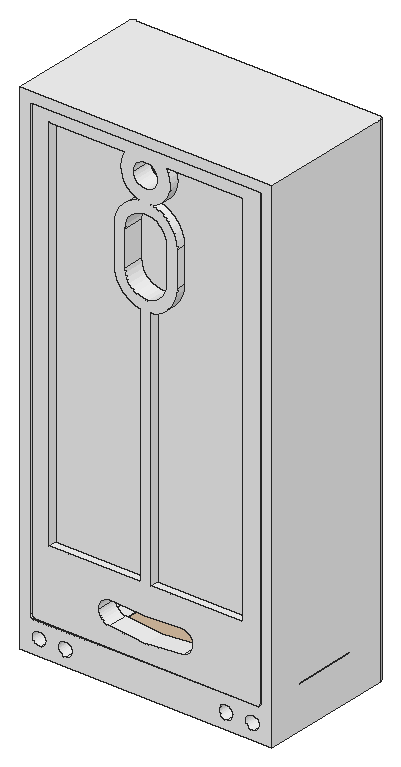
Revit family "STH21729BR_30_STH21729PTO_30", category Luminárias, Revit 2023
Family settings
  Hospedeiro = Parede
  Cota do conector redondo = Utilizar diâmetro
  Tipo de parte = Normal
  Número OmniClass = 23.80.70.00
  Título OmniClass = Lighting
  Sempre na vertical = Sim
  Corte com vazios quando carregada = Não
  Fonte luminosa = Sim
  Manter orientação da anotação = Não
  Compartilhado = Não
  Ponto de cálculo do ambiente = Não
Parameters (values of type "STH21729BR/30 - BRANCO - BIVOLT - 3000K - 10lm")
  Ângulo de inclinação = 90.00°
  Ângulo de Abertura = "4°"
  Wattage = 0.067321 W
  URL = "https://stella.com.br/"
  Troca de temperatura da cor de lâmpada com esmaecimento = <Nenhum>
  Tensão Elétrica = "100V-240V"
  built-in parameter 1150107 = 3000 (stored number, unit not read)
  Temperatura da cor (K) = 3000 K
  Referência = "STH21729BR/30"
  Potência = 2.5 W
  built-in parameter 1150110 = 1 (stored number, unit not read)
  built-in parameter 1150109 = 1 (stored number, unit not read)
  built-in parameter 1114218 = 1 (stored number, unit not read)
  built-in parameter 1150112 = 1 (stored number, unit not read)
  built-in parameter 1150113 = 1 (stored number, unit not read)
  built-in parameter 1150132 = 2
  built-in parameter 1150137 = (empty or 0)
  Modelo = "Wall Micro"
  Luminoso = Luminoso - 3000K
  built-in parameter 1150106 = 2.1311 (stored number, unit not read)
  Largura = 0.02 m
  built-in parameter 1150102 = (empty or 0)
  built-in parameter 1150105 = 213.11 (stored number, unit not read)
  IRC (Índice de reprodução de cores) = ">80"
  Grau de proteção (IP) = "IP65"
  Fluxo Luminoso = 10 lm
  Color Filter = 16777215
  built-in parameter 1114217 = 1 (stored number, unit not read)
  built-in parameter 1150139 = (empty or 0)
  Fabricante = "Stella"
  Estrutura = Al - Branco
  Default Elevation = 0.00 m
  built-in parameter 1150104 = 13.8 (stored number, unit not read)
  Dimerização = "Não dimerizável"
  built-in parameter 1150115 = 1 (stored number, unit not read)
  built-in parameter 1150114 = 1 (stored number, unit not read)
  Lumens = 10 lm
  built-in parameter 1150138 = (empty or 0)
  built-in parameter 1150134 = (empty or 0)
  Comprimento = 0.036 m
  Arquivo de rede fotométrica = "STELLA - STH21729BR-30 - WALL MICRO FACHO FECHADO.ies"
  Altura = 0.072 m
  built-in parameter 1150133 = 10 (stored number, unit not read)
Types (3, lengths in m): name | Referência | built-in parameter 1150106 | built-in parameter 1150105 | Estrutura | Arquivo de rede fotométrica
  (no name) | "STH21729BR/30" | 2.1311 (stored number, unit not read) | 213.11 (stored number, unit not read) | Al - Branco | "STELLA - STH21729BR-30 - WALL MICRO FACHO FECHADO.ies"
  STH21729BR/30 - BRANCO - BIVOLT - 3000K - 10lm | "STH21729BR/30" | 2.1311 (stored number, unit not read) | 213.11 (stored number, unit not read) | Al - Branco | "STELLA - STH21729BR-30 - WALL MICRO FACHO FECHADO.ies"
  STH21729PTO/30 - PRETO - BIVOLT - 3000K - 10lm | "STH21729PTO/30" | 2.2842 (stored number, unit not read) | 228.42 (stored number, unit not read) | Al - Preto | "STELLA - STH21729PTO-30 - WALL MICRO FACHO FECHADO.ies"
Reference planes (m)
  plane 1: y = 0
  plane 2 "Eixo de origem da luz (F/T)": y = 0.1132
  plane 3 "Plano de inclinação da fonte de luz": x = -0.036356
  plane 4 "Elevação da origem da luz": z = 1
  plane 5: x = -0.018356
  plane 6: x = -0.054356
  plane 7: y = 0.1232
  plane 8 "Superior": z = 1.036
  plane 9: z = 0.964
  plane 10 "Centro": z = 1
  plane 11: y = 0.1032
Forms (m)
  Extrusion 1, solid, material "Al - Branco" <- "Estrutura"
    sketch origin (0, 0, 1) x (0, 1, 0) y (-1, 0, 0)
      loop
        arc (0.1232, 0.053756) -> (0.123024, 0.05418) -> (0.1226, 0.054356) r 0.0006
        line (0.1226, 0.054356) -> (0.1032, 0.054356) -> (0.1032, 0.018356) -> (0.1226, 0.018356)
        arc (0.1226, 0.018356) -> (0.123024, 0.018531) -> (0.1232, 0.018956) r 0.0006
        line (0.1232, 0.018956) -> (0.1232, 0.053756)
      loop
        line (0.1061, 0.052856) -> (0.1061, 0.019856) -> (0.1217, 0.019856) -> (0.1217, 0.052856) -> (0.1061, 0.052856)
    from -0.036 to 0.036
  Extrusion 2, solid, material "Al - Branco" <- "Estrutura"
    sketch origin (0.04, 0, 1) x (0, 1, 0) y (-1, 0, 0)
      loop
        line (0.1061, 0.092856) -> (0.1061, 0.059856) -> (0.1217, 0.059856) -> (0.1217, 0.092856) -> (0.1061, 0.092856)
    from 0.036 to 0.0345
  Extrusion 3, solid, material "Luminoso - 3000K" <- "Luminoso"
    sketch origin (0, 0, 1) x (0, 1, 0) y (-1, 0, 0)
      loop
        line (0.122033, 0.045056) -> (0.104733, 0.045056) -> (0.104733, 0.027656) -> (0.122033, 0.027656) -> (0.122033, 0.045056)
    from -0.036 to -0.031967
  Extrusion 4, void
    sketch origin (-0.036356, 0, 0) x (0, -1, 0) y (0, 0, 1)
      loop
        line (-0.110858, 0.970738) -> (-0.106144, 0.970738) -> (-0.105431, 0.97153) -> (-0.111496, 0.97153) -> (-0.110858, 0.970738)
      loop
        line (-0.106144, 0.969785) -> (-0.110858, 0.969785) -> (-0.110858, 0.968985) -> (-0.106144, 0.968985) -> (-0.106144, 0.969785)
      loop
        line (-0.110858, 0.968033) -> (-0.111496, 0.967241) -> (-0.105431, 0.967241) -> (-0.106144, 0.968033) -> (-0.110858, 0.968033)
    from 0.01737 to 0.018
  Extrusion 5, void
    sketch origin (0.1, 0.1132, 0) x (1, 0, 0) y (0, 0, 1)
      loop
        arc (-0.133431, 1.033) -> (-0.133064, 1.029689) -> (-0.135606, 1.027537) r 0.003543
        arc (-0.135606, 1.027537) -> (-0.132919, 1.026005) -> (-0.131856, 1.0231) r 0.0045
        line (-0.131856, 1.0231) -> (-0.131856, 1.0181)
        arc (-0.131856, 1.0181) -> (-0.132919, 1.015195) -> (-0.135606, 1.013663) r 0.0045
        line (-0.135606, 1.013663) -> (-0.135606, 0.9787) -> (-0.122456, 0.9787) -> (-0.122456, 1.033) -> (-0.133431, 1.033)
      loop
        line (-0.13928, 1.033) -> (-0.150256, 1.033) -> (-0.150256, 0.9787) -> (-0.137106, 0.9787) -> (-0.137106, 1.013663)
        arc (-0.137106, 1.013663) -> (-0.139793, 1.015195) -> (-0.140856, 1.0181) r 0.0045
        line (-0.140856, 1.0181) -> (-0.140856, 1.0231)
        arc (-0.140856, 1.0231) -> (-0.139793, 1.026005) -> (-0.137106, 1.027537) r 0.0045
        arc (-0.137106, 1.027537) -> (-0.139648, 1.029689) -> (-0.13928, 1.033) r 0.003543
    from 0.0088 to 0.01
  Extrusion 6, void
    sketch origin (0, 0.1132, 0) x (1, 0, 0) y (0, 0, 1)
      loop
        line (-0.019856, 1.0345) -> (-0.052856, 1.0345) -> (-0.052856, 0.969)
        arc (-0.052856, 0.969) -> (-0.052709, 0.968646) -> (-0.052356, 0.9685) r 0.0005
        line (-0.052356, 0.9685) -> (-0.020356, 0.9685)
        arc (-0.020356, 0.9685) -> (-0.020002, 0.968646) -> (-0.019856, 0.969) r 0.0005
        line (-0.019856, 0.969) -> (-0.019856, 1.0345)
    from 0.0071 to 0.01
  Extrusion 7, solid, material "Al - Branco" <- "Estrutura"
    sketch origin (0, 0.1132, 0) x (1, 0, 0) y (0, 0, 1)
      loop
        line (-0.019957, 1.0345) -> (-0.052606, 1.0345) -> (-0.052606, 0.969204)
        arc (-0.052606, 0.969204) -> (-0.052459, 0.96885) -> (-0.052106, 0.968704) r 0.0005
        line (-0.052106, 0.968704) -> (-0.020457, 0.968704)
        arc (-0.020457, 0.968704) -> (-0.020103, 0.96885) -> (-0.019957, 0.969204) r 0.0005
        line (-0.019957, 0.969204) -> (-0.019957, 1.0345)
    from 0.0071 to 0.01
  Extrusion 8, void
    sketch origin (0, 0.1132, 0) x (1, 0, 0) y (0, 0, 1)
      loop
        circle (-0.036356, 1.031) r 0.00175
      loop
        arc (-0.033356, 1.0231) -> (-0.036356, 1.0261) -> (-0.039356, 1.0231) r 0.003
        line (-0.039356, 1.0231) -> (-0.039356, 1.0181)
        arc (-0.039356, 1.0181) -> (-0.036356, 1.0151) -> (-0.033356, 1.0181) r 0.003
        line (-0.033356, 1.0181) -> (-0.033356, 1.0231)
      loop
        arc (-0.031106, 0.971427) -> (-0.029624, 0.973409) -> (-0.031606, 0.974891) r 0.00175
        arc (-0.031606, 0.974891) -> (-0.036356, 0.97455) -> (-0.041106, 0.974891) r 0.03325
        arc (-0.041106, 0.974891) -> (-0.042501, 0.974482) -> (-0.043106, 0.973159) r 0.00175
        arc (-0.043106, 0.973159) -> (-0.042679, 0.972013) -> (-0.041606, 0.971427) r 0.00175
        arc (-0.041606, 0.971427) -> (-0.036356, 0.97105) -> (-0.031106, 0.971427) r 0.03675
    from 0.0071 to 0.01
  Extrusion 9, void
    sketch origin (-0.036356, 0, 0) x (0, -1, 0) y (0, 0, 1)
      loop
        line (-0.1044, 0.964) -> (-0.1044, 0.9685) -> (-0.106473, 0.9685) -> (-0.106473, 0.964) -> (-0.1044, 0.964)
    from -0.0165 to 0.0165
  Extrusion 10, solid, material "Al - Branco" <- "Estrutura"
    sketch origin (0, 0, 1) x (0, 1, 0) y (-1, 0, 0)
      loop
        arc (0.1232, 0.053756) -> (0.123024, 0.05418) -> (0.1226, 0.054356) r 0.0006
        line (0.1226, 0.054356) -> (0.1032, 0.054356) -> (0.1032, 0.018356) -> (0.1226, 0.018356)
        arc (0.1226, 0.018356) -> (0.123024, 0.018531) -> (0.1232, 0.018956) r 0.0006
        line (0.1232, 0.018956) -> (0.1232, 0.053756)
      loop
        line (0.104733, 0.045056) -> (0.104733, 0.027656) -> (0.122033, 0.027656) -> (0.122033, 0.045056) -> (0.104733, 0.045056)
    from -0.036 to -0.031967
  Extrusion 11, void
    sketch origin (0, 0.1132, 0) x (1, 0, 0) y (0, 0, 1)
      loop
        circle (-0.051606, 0.96625) r 0.001
      loop
        circle (-0.047856, 0.96625) r 0.001
      loop
        circle (-0.024856, 0.96625) r 0.001
      loop
        circle (-0.021106, 0.96625) r 0.001
    from -0.008 to 0.01
  Extrusion 12, void
    sketch origin (-0.036356, 0, 0) x (0, -1, 0) y (0, 0, 1)
      loop
        line (-0.122033, 0.9725) -> (-0.122033, 0.961852) -> (-0.120373, 0.961852) -> (-0.120373, 0.9725) -> (-0.122033, 0.9725)
    from -0.0165 to 0.0165
Cuts and joins
  Extrusion 5, Extrusion 8 cuts Extrusion 7
  Extrusion 4, Extrusion 5, Extrusion 6, Extrusion 9, Extrusion 11, Extrusion 12 cuts Extrusion 1
  Extrusion 9, Extrusion 11 cuts Extrusion 2
  Extrusion 4, Extrusion 11 cuts Extrusion 10
  joined: Extrusion 1, Extrusion 2, Extrusion 10
Text (m)
  text "Lado da colocação" at (0, 1.019848, 2.964603), in view "Direita"
  text "Lado da colocação" at (-0.592662, 0.673012, 0), in view "Nível de referência"
  text "Lado da colocação" at (0, 1.206291, 3.451227), in view "Esquerda"
  text "90 graus" at (-0.2286, 1.737863, 2.019117), in view "Esquerda"
  text "Inclinação da luz de 0 graus" at (-0.2286, 0.870797, 0.30306), in view "Esquerda"
  text "180 graus" at (-0.2286, 0.532154, 2.851909), in view "Esquerda"
Dimensions and locks (m)
  "Comprimento": plane 6 to plane 5
  "Altura": plane 9 to plane 8 "Superior"
  "Largura": plane 7 to plane 11
  aligned and locked: Extrusion 1 to plane 9
  aligned and locked: plane 8 "Superior" to Extrusion 1
Automatic sketch dimensions
  host wall to Extrusion 2 sketch curve = 0.0029 m
  Extrusion 2 sketch curve to plane 7 = 0.0015 m
  Extrusion 2 sketch curve to plane 5 = 0.0015 m
  plane 6 to Extrusion 2 sketch curve = 0.0015 m
  host wall to Extrusion 4 sketch curve = 0.008296 m
  Extrusion 4 sketch curve to Extrusion 4 sketch curve = 0.00 m  (x4)
  Extrusion 4 sketch curve to Extrusion 4 sketch curve = 0.000638 m  (x2)
  host wall to Extrusion 4 sketch curve = 0.002944 m
  Extrusion 4 sketch curve to Extrusion 4 sketch curve = 0.000713 m  (x2)
  plane 9 to Extrusion 4 sketch curve = 0.003241 m
  Extrusion 4 sketch curve to Extrusion 4 sketch curve = 0.000792 m  (x2)
  Extrusion 4 sketch curve to Extrusion 4 sketch curve = 0.000953 m  (x2)
  Extrusion 4 sketch curve to Extrusion 4 sketch curve = 0.0008 m
  Extrusion 5 sketch curve to Extrusion 5 sketch curve = 0.00 m  (x8)
  plane 3 "Plano de inclinação da fonte de luz" to Extrusion 5 sketch curve = 0.00 m  (x3)
  plane 3 "Plano de inclinação da fonte de luz" to Extrusion 5 sketch curve = 0.00075 m
  plane 3 "Plano de inclinação da fonte de luz" to Extrusion 5 sketch curve = 0.002925 m
  Extrusion 5 sketch curve to Extrusion 5 sketch curve = 0.0045 m
  plane 6 to Extrusion 5 sketch curve = 0.0041 m
  Extrusion 5 sketch curve to plane 3 "Plano de inclinação da fonte de luz" = 0.00075 m
  Extrusion 5 sketch curve to plane 3 "Plano de inclinação da fonte de luz" = 0.002925 m
  Extrusion 5 sketch curve to plane 3 "Plano de inclinação da fonte de luz" = 0.0045 m
  Extrusion 5 sketch curve to plane 5 = 0.0041 m
  plane 9 to Extrusion 5 sketch curve = 0.0147 m
  Extrusion 5 sketch curve to plane 4 "Elevação da origem da luz" = 0.013663 m
  Extrusion 5 sketch curve to Extrusion 5 sketch curve = 0.005 m
  Extrusion 5 sketch curve to plane 8 "Superior" = 0.005 m
  Extrusion 5 sketch curve to plane 8 "Superior" = 0.003 m  (x2)
  Extrusion 1 sketch curve to host wall = 0.00 m
  Extrusion 1 sketch curve to plane 5 = 0.00 m
  Extrusion 1 sketch curve to plane 6 = 0.00 m
  Extrusion 1 sketch curve to plane 7 = 0.00 m
  Extrusion 1 sketch curve to plane 7 = 0.0015 m
  Extrusion 1 sketch curve to plane 7 = 0.0006 m  (x2)
  Extrusion 1 sketch curve to Extrusion 1 sketch curve = 0.0009 m  (x2)
  host wall to Extrusion 1 sketch curve = 0.0029 m
  plane 6 to Extrusion 6 sketch curve = 0.0015 m
  Extrusion 6 sketch curve to Extrusion 6 sketch curve = 0.0005 m
  Extrusion 6 sketch curve to plane 5 = 0.002 m
  Extrusion 6 sketch curve to plane 5 = 0.0015 m
  plane 9 to Extrusion 6 sketch curve = 0.005 m
  Extrusion 6 sketch curve to plane 8 "Superior" = 0.0015 m
  Extrusion 7 sketch curve to plane 5 = 0.03425 m
  Extrusion 7 sketch curve to Extrusion 7 sketch curve = 0.0005 m
  plane 9 to Extrusion 7 sketch curve = 0.005204 m
  Extrusion 7 sketch curve to plane 5 = 0.002101 m
  Extrusion 7 sketch curve to plane 8 "Superior" = 0.0015 m
  Extrusion 7 sketch curve to plane 5 = 0.001601 m
  plane 3 "Plano de inclinação da fonte de luz" to Extrusion 8 sketch curve = 0.00 m  (x3)
  Extrusion 8 sketch curve to plane 8 "Superior" = 0.005 m
  Extrusion 8 sketch curve to Extrusion 8 sketch curve = 0.00175 m  (x2)
  Extrusion 8 sketch curve to plane 3 "Plano de inclinação da fonte de luz" = 0.003 m
  Extrusion 8 sketch curve to Extrusion 8 sketch curve = 0.0079 m
  Extrusion 8 sketch curve to Extrusion 8 sketch curve = 0.005 m
  Extrusion 8 sketch curve to plane 3 "Plano de inclinação da fonte de luz" = 0.005 m
  Extrusion 8 sketch curve to plane 4 "Elevação da origem da luz" = 0.0078 m
  plane 9 to Extrusion 8 sketch curve = 0.009159 m
  plane 3 "Plano de inclinação da fonte de luz" to Extrusion 8 sketch curve = 0.00525 m
  Extrusion 8 sketch curve to Extrusion 8 sketch curve = 0.00025 m  (x3)
  Extrusion 8 sketch curve to Extrusion 8 sketch curve = 0.00 m  (x3)
  Extrusion 8 sketch curve to Extrusion 8 sketch curve = 0.001732 m
  Extrusion 9 sketch curve to plane 9 = 0.00 m
  host wall to Extrusion 9 sketch curve = 0.003273 m
  host wall to Extrusion 9 sketch curve = 0.0012 m
  plane 9 to Extrusion 9 sketch curve = 0.0045 m
  Extrusion 3 sketch curve to plane 7 = 0.001167 m
  Extrusion 3 sketch curve to plane 3 "Plano de inclinação da fonte de luz" = 0.0087 m
  host wall to Extrusion 3 sketch curve = 0.001533 m
  plane 3 "Plano de inclinação da fonte de luz" to Extrusion 3 sketch curve = 0.0087 m
  Extrusion 10 sketch curve to host wall = 0.00 m
  Extrusion 10 sketch curve to plane 5 = 0.00 m
  Extrusion 10 sketch curve to plane 6 = 0.00 m
  Extrusion 10 sketch curve to plane 7 = 0.00 m
  plane 6 to Extrusion 10 sketch curve = 0.0006 m
  Extrusion 10 sketch curve to plane 7 = 0.0006 m
  Extrusion 10 sketch curve to plane 7 = 0.001167 m
  plane 3 "Plano de inclinação da fonte de luz" to Extrusion 10 sketch curve = 0.0087 m
  host wall to Extrusion 10 sketch curve = 0.001533 m
  Extrusion 10 sketch curve to plane 3 "Plano de inclinação da fonte de luz" = 0.0087 m
  plane 6 to Extrusion 11 sketch curve = 0.00275 m
  plane 9 to Extrusion 11 sketch curve = 0.00225 m  (x4)
  Extrusion 11 sketch curve to Extrusion 11 sketch curve = 0.001 m  (x4)
  Extrusion 11 sketch curve to Extrusion 11 sketch curve = 0.00375 m
  Extrusion 11 sketch curve to plane 5 = 0.0065 m
  Extrusion 11 sketch curve to Extrusion 11 sketch curve = 0.00 m  (x2)
  Extrusion 11 sketch curve to plane 5 = 0.00275 m
  Extrusion 12 sketch curve to plane 9 = 0.002148 m
  Extrusion 12 sketch curve to plane 7 = 0.001167 m
  Extrusion 12 sketch curve to Extrusion 12 sketch curve = 0.00166 m
  plane 9 to Extrusion 12 sketch curve = 0.0085 m
Connectors (m)
  electrical at (-0.036356, 0.1132, 1)
    settings: index 1, voltage 0 V, apparent load 0 VA, apparent load phase1 0 VA, apparent load phase2 0 VA, apparent load phase3 0 VA, power factor 1, load classification "Outro", number of poles 1, system type 31, power factor state 1, is connector primary yes, connector utility no, sub classification motor no, connector description ""
